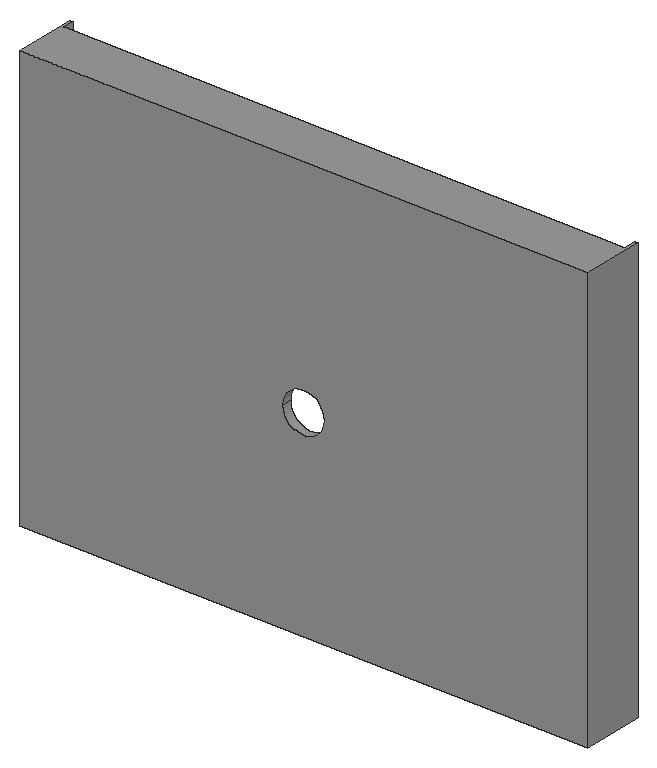
Revit family "Shower_Receptors-Willoughby-AS-S3660", category Plumbing Fixtures, Revit 2015
Parameters (values of type "36x60 (AS-S3660)")
  Width Half = Width / 2  # 2' - 6"
  Width = 5' - 0"
  Waste DIA = 3 1/2"
  Waste Connection = yes
  Vent Connection = no
  URL = "https://www.willoughby-ind.com/wp-content/uploads/2018/01/AS-S3636-48-60.pdf"
  Type Comments = ""
  Revision = "A"
  Model = "AS-S3660"
  Manufacturer = "Willoughby Industries"
  Height = 0' - 5 1/4"
  HW Connection = no
  Drain Distance = Width / 2  # 2' - 6"
  Description = "36x60 Shower Pan"
  Depth = 3' - 0"
  Default Elevation = 0' - 0"
  Contact Number = "(800) 428-4065"
  CW Connection = no
  Aquasurf Solid Surface = Solid Surface Acrylic Resin-Willoughby
Reference planes (in)
  plane 1 "Center (Front/Back)": y = 0
  plane 2: z = 0
  plane 3 "Center (Left/Right)": x = 0
  plane 4: y = 5.25
  plane 5: z = 36
  plane 6: x = 24
  plane 7: x = -24
  plane 8: z = 17
Forms (in)
  Extrusion 1, solid, material "Solid Surface Acrylic Resin-Willoughby" <- "Aquasurf Solid Surface"
    sketch origin (0, 0, 0) x (1, 0, 0) y (0, 0, 1)
      loop
        line (24, 0) -> (24, 36) -> (-24, 36) -> (-24, 0) -> (24, 0)
    from 0 to -5.25
  Extrusion 2, void, detail levels fine
    sketch origin (0, 0, 0) x (1, 0, 0) y (0, 0, 1)
      loop
        line (23.75, 36) -> (-23.75, 36) -> (-23.75, 0.25) -> (23.75, 0.25) -> (23.75, 36)
    from -5.25 to -4.25
  Extrusion 3, void, detail levels fine
    sketch origin (0, 0, 0) x (1, 0, 0) y (0, 0, 1)
      loop
        circle (0, 17) r 1.75
    from 0 to -4.25
  Extrusion 4, void, detail levels fine
    sketch origin (0, 0, 0) x (1, 0, 0) y (0, 0, 1)
      loop
        circle (0, 17) r 2.25
    from -0.75682 to -1
  Extrusion 5, void, detail levels fine
    sketch origin (0, 0, 0) x (1, 0, 0) y (0, 0, 1)
      loop
        arc (-20.75, 34) -> (-21.66753, 18.125) -> (-20.75, 2.25) r 137.79253
        line (-20.75, 2.25) -> (20.75, 2.25)
        arc (20.75, 2.25) -> (21.66753, 18.125) -> (20.75, 34) r 137.79253
        line (20.75, 34) -> (-20.75, 34)
    from -1 to -5.25
Cuts and joins
  Extrusion 2, Extrusion 3, Extrusion 4, Extrusion 5 cuts Extrusion 1
Lines and regions (in)
  symbolic lines
    curve 1: line (-24, 0, 0) -> (-24, 5.25, 0)
    curve 2: line (-24, 5.25, 0) -> (24, 5.25, 0)
    curve 3: line (24, 5.25, 0) -> (24, 0, 0)
    curve 4: line (24, 0, 0) -> (-24, 0, 0)
    curve 8: line (-24, 0, 0) -> (24, 0, 0)
    curve 9: line (24, 0, 0) -> (24, 0, 36)
    curve 10: line (24, 0, 36) -> (-24, 0, 36)
    curve 11: line (-24, 0, 36) -> (-24, 0, 0)
    curve 21: line (0, 5.25, 36) -> (0, 0, 36)
    curve 22: line (0, 0, 36) -> (0, 0, 0)
    curve 23: line (0, 0, 0) -> (0, 5.25, 0)
    curve 24: line (0, 5.25, 0) -> (0, 5.25, 36)
  symbolic lines, detail levels medium+fine
    curve 5: line (-23.75, 5.25, 0) -> (-23.75, 3.5, 0)
    curve 6: line (-23.75, 3.5, 0) -> (23.75, 3.5, 0)
    curve 7: line (23.75, 3.5, 0) -> (23.75, 5.25, 0)
    curve 12: line (-23.75, 0, 36) -> (-23.75, 0, 0.25)
    curve 13: line (-23.75, 0, 0.25) -> (23.75, 0, 0.25)
    curve 14: line (23.75, 0, 0.25) -> (23.75, 0, 36)
  symbolic lines, detail levels fine
    curve 15: line (20.75, 0, 34) -> (-20.75, 0, 34)
    curve 16: arc (-20.75, 0, 34) -> (-21.66753, 0, 18.125) -> (-20.75, 0, 2.25) r 137.79253
    curve 17: line (-20.75, 0, 2.25) -> (20.75, 0, 2.25)
    curve 18: arc (20.75, 0, 2.25) -> (21.66753, 0, 18.125) -> (20.75, 0, 34) r 137.79253
    curve 19: circle (0, 0, 17) r 1.75 normal (0, -1, 0)
    curve 20: circle (0, 0, 17) r 2.25 normal (0, -1, 0)
Dimensions and locks (in)
  "Height": plane 4 to plane 1 "Center (Front/Back)"
  plane 6 to plane 7 = 4' - 0"
  "Depth": level to plane 5
  locked: level to plane 8 at 17
  plane 7 to plane 6 = 4' - 0"
  "Height": plane 1 "Center (Front/Back)" to plane 4
  "Depth": plane 5 to level
  plane 3 "Center (Left/Right)" to plane 7 = 2' - 0"
  aligned and locked: plane 6 to Extrusion 1
  aligned and locked: Extrusion 1 to plane 7
  aligned and locked: Extrusion 1 to level
  aligned and locked: plane 5 to Extrusion 1
  aligned and locked: Extrusion 1 to plane 4
  aligned and locked: plane 1 "Center (Front/Back)" to Extrusion 1
  aligned and locked: plane 5 to Extrusion 2
  aligned and locked: Extrusion 2 to plane 4
  aligned and locked: plane 3 "Center (Left/Right)" to Extrusion 3 sketch curve
  aligned and locked: plane 8 to Extrusion 3 sketch curve
  aligned and locked: plane 8 to Extrusion 4 sketch curve
  aligned and locked: plane 3 "Center (Left/Right)" to Extrusion 4 sketch curve
  aligned and locked: Extrusion 5 to plane 4
  aligned and locked: Extrusion 5 to Extrusion 4
Automatic sketch dimensions
  level to Extrusion 1 sketch curve = 0' - 0"
  plane 7 to Extrusion 1 sketch curve = 0' - 0"
  Extrusion 1 sketch curve to plane 6 = 0' - 0"
  level to Extrusion 1 sketch curve = 3' - 0"
  plane 7 to Extrusion 2 sketch curve = 0' - 0 1/4"
  Extrusion 2 sketch curve to plane 6 = 0' - 0 1/4"
  level to Extrusion 2 sketch curve = 0' - 0 1/4"
  plane 5 to Extrusion 2 sketch curve = 0' - 0"
  Extrusion 5 sketch curve to plane 8 = 0' - 1 1/8"  (x2)
  Extrusion 5 sketch curve to plane 7 = 7' - 8 1/8"
  plane 7 to Extrusion 5 sketch curve = 0' - 3 1/4"
  Extrusion 5 sketch curve to plane 6 = 0' - 3 1/4"
  Extrusion 5 sketch curve to plane 5 = 0' - 2"
  plane 6 to Extrusion 5 sketch curve = 7' - 8 1/8"
  level to Extrusion 5 sketch curve = 0' - 2 1/4"
  plane 1 "Center (Front/Back)" to curve 1 = 0' - 0"
  curve 1 to plane 7 = 0' - 0"
  plane 4 to curve 5 = 0' - 0"
  curve 4 to plane 6 = 0' - 0"
  plane 7 to curve 6 = 0' - 0 1/4"
  curve 5 to curve 5 = 0' - 1 3/4"
  curve 6 to plane 6 = 0' - 0 1/4"
  curve 19 to curve 20 = 0' - 0"  (x2)
  curve 12 to plane 5 = 0' - 0"
  curve 19 to plane 3 "Center (Left/Right)" = 0' - 0"
  curve 19 to plane 8 = 0' - 0"
  curve 18 to plane 8 = 0' - 1 1/8"
  curve 18 to plane 7 = 7' - 8 1/8"
  plane 7 to curve 13 = 0' - 0 1/4"
  plane 7 to curve 17 = 0' - 3 1/4"
  curve 15 to plane 5 = 0' - 2"
  curve 12 to curve 15 = 0' - 3"
  curve 17 to plane 6 = 0' - 3 1/4"
  curve 14 to plane 6 = 0' - 0 1/4"
  plane 6 to curve 16 = 7' - 8 1/8"
  level to curve 13 = 0' - 0 1/4"
  curve 21 to plane 1 "Center (Front/Back)" = 0' - 0"
  curve 24 to level = 0' - 0"
  curve 24 to plane 4 = 0' - 0"
  curve 22 to plane 5 = 0' - 0"
  curve 8 to level = 0' - 0"
  curve 9 to plane 6 = 0' - 0"
  curve 15 to curve 14 = 0' - 3"
  curve 11 to plane 7 = 0' - 0"
  radius of Extrusion 3 sketch curve = 0' - 1 3/4"
  radius of Extrusion 4 sketch curve = 0' - 2 1/4"
  radius of curve 19 = 0' - 1 3/4"
  radius of curve 20 = 0' - 2 1/4"
Connectors (in)
  piping at (0, 0.75682, 17), diameter 3.5, driven by "Waste Connection", driven by "Waste DIA"
    settings: on cut or joined group of Extrusion 1, Extrusion 2, Extrusion 3, Extrusion 4, Extrusion 5, index 1, connector inside diameter 3 1/2", connector length 0' - 0", flow factor 0, pipe flow 0 GPM, pressure drop 0.00 psi, fitting loss kfactor 0, connector angle 0.00°, fixture units 0, engagement length 0' - 0", angle of deflection 0.00°, flow configuration 0, flow direction 2, fitting loss method 0, system type 16, joint type 0, gender type 0, connector reference index -1, connector utility 1, adjustable connector yes, is connector primary yes, connector description "Shower Drain"
